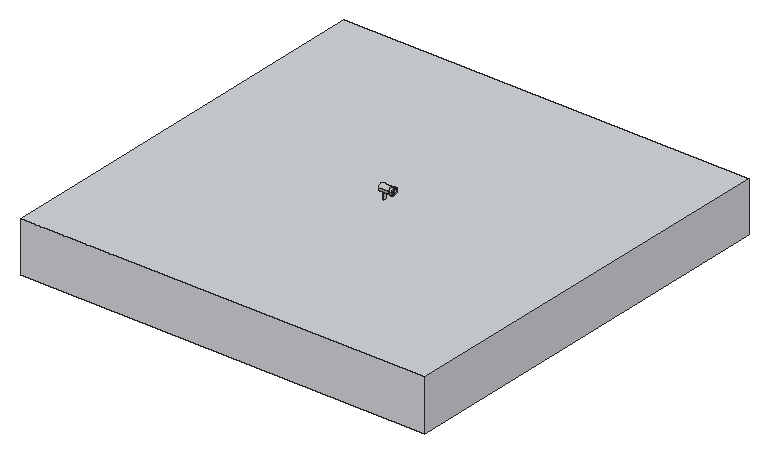
Revit family "LAMP_HANCE 48V 500 DALI", category Luminarias, Revit 2015
Parameters (values of type "314LM 2700 SPOT BLACK")
  Weight = 0.15 kg
  Type = "HIGH POWER CREE"
  Tilting angle [instance] = 90.00°
  Tilting [instance] = if(Tilting angle < 0.00°, 0.00°, if(Tilting angle > 90.00°, 90.00°, Tilting angle))  # 90.00°
  Rotation angle [instance] = 90.00°
  Protection rating = "IP20"
  Product datasheet = "http://www.lamp.es/product-files/TECH/HS1TL05SP827DBB-EN.pdf"
  Product code = "HS1TL05SP827DBB"
  Product URL = "https://www.lamp.es/en/family/hance-48v_195581"
  Power Supply = "48V DC"
  Power = 5 W
  Plum = 6.1 W
  Photometric web file = Cuerpo Hance 48V BASE 500 (tilting) : 314LM 2700 SPOT BLACK
  Modelo = Product code  # "HS1TL05SP827DBB"
  Model explanation = "Availability of tilting between 0º and 90º, rotation between 0º and 355º and change ring color when placed in a project."
  Material tija = LAMP_Aluminio Hance Negro
  Manufacturer name = "LAMP"
  Manufacturer country = "Spain"
  Manufacturer URL = "http://www.lamp.es/en"
  MacAdam = "5"
  Luminaire type = "Indoor - Spotlight"
  Last update = "02/04/2019"
  Lamp = "HIGH POWER LED"
  LED Lifetime = "50.000 L90"
  Insulation class = "III"
  Installation instructions = "https://www.lamp.es/product-files/INS/1004290-B-INSTR.%20DE%20MONTAJE%20HANCE%2048V.pdf"
  Initial intensity = 314 lm
  Initial color = 2700 K
  IEE = "A+"
  Height = 135 mm
  Gear = "Adjustable DALI"
  Finish = "RAL9011 textured"
  Fabricante = Manufacturer name  # "LAMP"
  Default Elevation = 1219.2 mm
  Efficacy = 51 lm/W
  Diameter = 40 mm
  Descripción = "HANCE TRACK 48 500 VWW SP DALI BK."
  Decorative ring [instance] = Aro decorativo 48V (tilting) : Copper
  Comentarios de tipo = Model explanation  # "Availability of tilting between 0º and 90º, rotation between 0º and 355º and change ring color when placed in a project."
  CRI = "80"
Types (18, lengths in mm): name | Product datasheet | Product code | Photometric web file | Modelo | Material tija | Initial intensity | Initial color | Finish | Efficacy | Descripción
  314LM 2700 SPOT BLACK | "http://www.lamp.es/product-files/TECH/HS1TL05SP827DBB-EN.pdf" | "HS1TL05SP827DBB" | Cuerpo Hance 48V BASE 500 (tilting) : 314LM 2700 SPOT BLACK | "HS1TL05SP827DBB" | LAMP_Aluminio Hance Negro | 314 lm | 2700 K | "RAL9011 textured" | 51 lm/W | "HANCE TRACK 48 500 VWW SP DALI BK."
  314LM 2700 SPOT WHITE | "http://www.lamp.es/product-files/TECH/HS1TL05SP827DBW-EN.pdf" | "HS1TL05SP827DBW" | Cuerpo Hance 48V BASE 500 (tilting) : 314LM 2700 SPOT WHITE | "HS1TL05SP827DBW" | LAMP_Aluminio Hance Blanco | 314 lm | 2700 K | "RAL9010 textured" | 51 lm/W | "HANCE TRACK 48 500 VWW SP DALI WH."
  314LM 3000 SPOT BLACK | "http://www.lamp.es/product-files/TECH/HS1TL05SP830DBB-EN.pdf" | "HS1TL05SP830DBB" | Cuerpo Hance 48V BASE 500 (tilting) : 314LM 3000 SPOT BLACK | "HS1TL05SP830DBB" | LAMP_Aluminio Hance Negro | 314 lm | 3000 K | "RAL9011 textured" | 51 lm/W | "HANCE TRACK 48 500 WW SP DALI BK."
  314LM 3000 SPOT WHITE | "http://www.lamp.es/product-files/TECH/HS1TL05SP830DBW-EN.pdf" | "HS1TL05SP830DBW" | Cuerpo Hance 48V BASE 500 (tilting) : 314LM 3000 SPOT WHITE | "HS1TL05SP830DBW" | LAMP_Aluminio Hance Negro | 314 lm | 3000 K | "RAL9010 textured" | 51 lm/W | "HANCE TRACK 48 500 WW SP DALI WH."
  339LM 4000 SPOT BLACK | "http://www.lamp.es/product-files/TECH/HS1TL05SP840DBB-EN.pdf" | "HS1TL05SP840DBB" | Cuerpo Hance 48V BASE 500 (tilting) : 339LM 4000 SPOT BLACK | "HS1TL05SP840DBB" | LAMP_Aluminio Hance Negro | 339 lm | 4000 K | "RAL9011 textured" | 55 lm/W | "HANCE TRACK 48 500 NW SP DALI BK."
  339LM 4000 SPOT WHITE | "http://www.lamp.es/product-files/TECH/HS1TL05SP840DBW-EN.pdf" | "HS1TL05SP840DBW" | Cuerpo Hance 48V BASE 500 (tilting) : 339LM 4000 SPOT WHITE | "HS1TL05SP840DBW" | LAMP_Aluminio Hance Blanco | 339 lm | 4000 K | "RAL9010 textured" | 55 lm/W | "HANCE TRACK 48 500 NW SP DALI WH."
  330LM 2700 MEDIUM FLOOD BLACK | "http://www.lamp.es/product-files/TECH/HS1TL05MF827DBB-EN.pdf" | "HS1TL05MF827DBB" | Cuerpo Hance 48V BASE 500 (tilting) : 330LM 2700 MEDIUM FLOOD BLACK | "HS1TL05MF827DBB" | LAMP_Aluminio Hance Negro | 330 lm | 2700 K | "RAL9011 textured" | 54 lm/W | "HANCE TRACK 48 500 VWW MFL DALI BK."
  330LM 2700 MEDIUM FLOOD WHITE | "http://www.lamp.es/product-files/TECH/HS1TL05MF827DBW-EN.pdf" | "HS1TL05MF827DBW" | Cuerpo Hance 48V BASE 500 (tilting) : 330LM 2700 MEDIUM FLOOD WHITE | "HS1TL05MF827DBW" | LAMP_Aluminio Hance Blanco | 330 lm | 2700 K | "RAL9010 textured" | 54 lm/W | "HANCE TRACK 48 500 VWW MFL DALI WH."
  330LM 3000 MEDIUM FLOOD BLACK | "http://www.lamp.es/product-files/TECH/HS1TL05MF830DBB-EN.pdf" | "HS1TL05MF830DBB" | Cuerpo Hance 48V BASE 500 (tilting) : 330LM 3000 MEDIUM FLOOD BLACK | "HS1TL05MF830DBB" | LAMP_Aluminio Hance Negro | 330 lm | 3000 K | "RAL9011 textured" | 54 lm/W | "HANCE TRACK 48 500 WW MFL DALI  BK."
  330LM 3000 MEDIUM FLOOD WHITE | "http://www.lamp.es/product-files/TECH/HS1TL05MF830DBW-EN.pdf" | "HS1TL05MF830DBW" | Cuerpo Hance 48V BASE 500 (tilting) : 330LM 3000 MEDIUM FLOOD WHITE | "HS1TL05MF830DBW" | LAMP_Aluminio Hance Blanco | 330 lm | 3000 K | "RAL9010 textured" | 54 lm/W | "HANCE TRACK 48 500 WW MFL DALI WH."
  356LM 4000 MEDIUM FLOOD BLACK | "http://www.lamp.es/product-files/TECH/HS1TL05MF840DBB-EN.pdf" | "HS1TL05MF840DBB" | Cuerpo Hance 48V BASE 500 (tilting) : 356LM 4000 MEDIUM FLOOD BLACK | "HS1TL05MF840DBB" | LAMP_Aluminio Hance Negro | 356 lm | 4000 K | "RAL9011 textured" | 58 lm/W | "HANCE TRACK 48 500 NW MFL DALI BK."
  356LM 4000 MEDIUM FLOOD WHITE | "http://www.lamp.es/product-files/TECH/HS1TL05MF840DBW-EN.pdf" | "HS1TL05MF840DBW" | Cuerpo Hance 48V BASE 500 (tilting) : 356LM 4000 MEDIUM FLOOD WHITE | "HS1TL05MF840DBW" | LAMP_Aluminio Hance Blanco | 356 lm | 4000 K | "RAL9010 textured" | 58 lm/W | "HANCE TRACK 48 500 NW MFL DALI WH."
  324LM 2700 FLOOD BLACK | "http://www.lamp.es/product-files/TECH/HS1TL05FL827DBB-EN.pdf" | "HS1TL05FL827DBB" | Cuerpo Hance 48V BASE 500 (tilting) : 324LM 2700 FLOOD BLACK | "HS1TL05FL827DBB" | LAMP_Aluminio Hance Negro | 324 lm | 2700 K | "RAL9011 textured" | 53 lm/W | "HANCE TRACK 48 500 VWW FL DALI BK."
  324LM 2700 FLOOD WHITE | "http://www.lamp.es/product-files/TECH/HS1TL05FL827DBW-EN.pdf" | "HS1TL05FL827DBW" | Cuerpo Hance 48V BASE 500 (tilting) : 324LM 2700 FLOOD WHITE | "HS1TL05FL827DBW" | LAMP_Aluminio Hance Blanco | 324 lm | 2700 K | "RAL9010 textured" | 53 lm/W | "HANCE TRACK 48 500 VWW FL DALI WH."
  324LM 3000 FLOOD BLACK | "http://www.lamp.es/product-files/TECH/HS1TL05FL830DBB-EN.pdf" | "HS1TL05FL830DBB" | Cuerpo Hance 48V BASE 500 (tilting) : 324LM 3000 FLOOD BLACK | "HS1TL05FL830DBB" | LAMP_Aluminio Hance Negro | 324 lm | 3000 K | "RAL9011 textured" | 53 lm/W | "HANCE TRACK 48 500 WW FL DALI BK."
  324LM 3000 FLOOD WHITE | "http://www.lamp.es/product-files/TECH/HS1TL05FL830DBW-EN.pdf" | "HS1TL05FL830DBW" | Cuerpo Hance 48V BASE 500 (tilting) : 324LM 3000 FLOOD WHITE | "HS1TL05FL830DBW" | LAMP_Aluminio Hance Blanco | 324 lm | 3000 K | "RAL9010 textured" | 53 lm/W | "HANCE TRACK 48 500 WW FL DALI WH."
  349LM 4000 FLOOD BLACK | "http://www.lamp.es/product-files/TECH/HS1TL05FL840DBB-EN.pdf" | "HS1TL05FL840DBB" | Cuerpo Hance 48V BASE 500 (tilting) : 349LM 4000 FLOOD BLACK | "HS1TL05FL840DBB" | LAMP_Aluminio Hance Negro | 349 lm | 4000 K | "RAL9011 textured" | 57 lm/W | "HANCE TRACK 48 500 NW FL DALI BK."
  349LM 4000 FLOOD WHITE | "http://www.lamp.es/product-files/TECH/HS1TL05FL840DBW-EN.pdf" | "HS1TL05FL840DBW" | Cuerpo Hance 48V BASE 500 (tilting) : 349LM 4000 FLOOD WHITE | "HS1TL05FL840DBW" | LAMP_Aluminio Hance Blanco | 349 lm | 4000 K | "RAL9010 textured" | 57 lm/W | "HANCE TRACK 48 500 NW FL DALI WH."
Reference planes
  plane 1 "Centro (Frontal/Posterior)": y = 0
  plane 2: z = 0
  plane 3 "Centro (Izquierda/Derecha)": x = 0
Forms (mm)
  Extrusion 1, solid
    sketch origin (0, 0, 0) x (1, 0, 0) y (0, 1, 0)
      loop
        line (-1219.2, 1219.2) -> (-1219.2, -1219.2) -> (1219.2, -1219.2) -> (1219.2, 1219.2) -> (-1219.2, 1219.2)
    from 0 to -304.8
Lines and regions (mm)
  reference lines
    curve 1: line (0, 0, 0) -> (35, 0, 0)
Text (mm)
  text "Any modification of the parameters and properties of the LAMP BIM models must be executed and validated by the LAMP technical department.\n\nPhone: +34 93 736 68 00\n\nE-mail: lamp@lamp.es\n\n\n\nLAMP reserves the right to modify the technical specifications of its products." at (-20831.523, 15880.048, -4465.41), in view "Preview"
Dimensions and locks
  "Rotation angle": angle curve 1 to plane 3 "Centro (Izquierda/Derecha)"
  aligned and locked: plane 2 to Extrusion 1
  aligned and locked: level to Extrusion 1
  aligned and locked: plane 3 "Centro (Izquierda/Derecha)" to curve 1
  aligned and locked: plane 1 "Centro (Frontal/Posterior)" to curve 1
Automatic sketch dimensions
  Extrusion 1 sketch curve to Extrusion 1 sketch curve = 2438.4 mm  (x2)
Nested families
  nested 1: "Tija 48V" at (4.1, 0, 0), type "Tija 48V"
  nested 2: "Cuerpo Hance 48V BASE 500 (tilting)" at (3.081, -1.967, 42.155) x (1, 0, 0) z (0, 0, -1), type <- "Photometric web file", type "314LM 2700 SPOT BLACK"
  nested 3: "Aro decorativo 48V (tilting)" at (2.865, 0, 42.18) x (0, 0, 1) z (1, 0, 0), type <- "Decorative ring", type "Copper"
    with Tilting 0.00°
Definition of nested family "Tija 48V"
  Parameters (values of type "Tija 48V")
    Profundidad tija = 8.2 mm
    Material tija = none
    Default Elevation = 1219.2 mm
    Diametro vaciado redondo = if(Anchura tija = 20 mm, 10 mm, 7.5 mm)  # 7.5 mm
    Anchura tija = 15 mm
    Profundo vaciado = if(Profundidad tija = 18 mm, 10.8 mm, 1 mm)  # 1 mm
    Ancho vaciado = Anchura tija  # 15 mm
    Altura tija = 52.9 mm
  Reference planes
    plane 1 "Centro (Frontal/Posterior)": y = 0
    plane 2: z = 0
    plane 3 "Centro (Izquierda/Derecha)": x = 0
  Forms (mm)
    Extrusion 1, solid
      sketch origin (0, 0, 0) x (1, 0, 0) y (0, 1, 0)
        loop
          line (-1219.2, 1219.2) -> (-1219.2, -1219.2) -> (1219.2, -1219.2) -> (1219.2, 1219.2) -> (-1219.2, 1219.2)
      from 0 to -304.8
    Extrusion 2, solid, material <- "Material tija"
      sketch origin (0, 0, -18) x (1, 0, 0) y (0, 0, 1)
        loop
          line (4.1, 18) -> (4.1, 70.9) -> (-6.297, 70.9)
          arc (-6.297, 70.9) -> (-12.297, 64.9) -> (-6.297, 58.9) r 6
          line (-6.297, 58.9) -> (-4.1, 58.9) -> (-4.1, 40) -> (-18.142, 40) -> (-18.142, 18) -> (-4.1, 18) -> (4.1, 18)
      from -7.5 to 7.5
    Extrusion 3, void
      sketch origin (1, -11.5, 0) x (-1, 0, 0) y (0, 1, 0)
        loop
          line (0, 19) -> (-38.141, 19) -> (-38.141, 4) -> (0, 4)
          arc (0, 4) -> (-0.716, 11.5) -> (0, 19) r 39.653
      from -132.265 to 0
    Extrusion 4, void
      sketch origin (27.648, 0, 0) x (1, 0, 0) y (0, 1, 0)
        loop
          line (-31.748, 7.5) -> (-31.748, 17.5) -> (-61.648, 17.5) -> (-61.648, -18.394) -> (-31.748, -18.394) -> (-31.748, -7.5)
          arc (-31.748, -7.5) -> (-39.248, 0) -> (-31.748, 7.5) r 7.5
      from 0 to 22
    Extrusion 5, void
      sketch origin (0, 0, 0) x (1, 0, 0) y (0, 0, 1)
        loop
          circle (-7.621, 82.5) r 3.125
        loop
          circle (-7.621, 46.9) r 3.125
      from -21.347 to 27.483
  Cuts and joins
    Extrusion 3, Extrusion 4, Extrusion 5 cuts Extrusion 2
  Lines and regions (mm)
    reference lines
      curve 1: line (1, -11.5, 0) -> (1, 11.5, 0)
  Dimensions and locks
    equal spacing: cut or joined group of Extrusion 2, Extrusion 3, Extrusion 4, Extrusion 5, plane 1 "Centro (Frontal/Posterior)", cut or joined group of Extrusion 2, Extrusion 3, Extrusion 4, Extrusion 5
    "Anchura tija": cut or joined group of Extrusion 2, Extrusion 3, Extrusion 4, Extrusion 5 to cut or joined group of Extrusion 2, Extrusion 3, Extrusion 4, Extrusion 5
    plane 1 "Centro (Frontal/Posterior)" to Extrusion 3 sketch curve = 7.5 mm
    "Altura tija": Extrusion 2 sketch curve to Extrusion 2 sketch curve
    "Profundidad tija": cut or joined group of Extrusion 2, Extrusion 3, Extrusion 4, Extrusion 5 to cut or joined group of Extrusion 2, Extrusion 3, Extrusion 4, Extrusion 5
    locked: cut or joined group of Extrusion 2, Extrusion 3, Extrusion 4, Extrusion 5 to plane 3 "Centro (Izquierda/Derecha)" at 4.1
    locked: plane 3 "Centro (Izquierda/Derecha)" to Extrusion 3 sketch curve at 39.141
    "Profundo vaciado": plane 3 "Centro (Izquierda/Derecha)" to curve 1
    "Ancho vaciado": Extrusion 3 sketch curve to Extrusion 3 sketch curve
    equal spacing: Extrusion 3 sketch curve, plane 1 "Centro (Frontal/Posterior)", Extrusion 3 sketch curve
    "Diametro vaciado redondo": radius of Extrusion 4 sketch curve
    aligned and locked: plane 2 to Extrusion 1
    aligned and locked: level to Extrusion 1
  Automatic sketch dimensions
    Extrusion 1 sketch curve to Extrusion 1 sketch curve = 2438.4 mm  (x2)
    Extrusion 5 sketch curve to plane 3 "Centro (Izquierda/Derecha)" = 7.621 mm  (x2)
    level to Extrusion 5 sketch curve = 46.9 mm
    Extrusion 5 sketch curve to Extrusion 5 sketch curve = 35.6 mm
    Extrusion 5 sketch curve to Extrusion 5 sketch curve = 3.125 mm  (x2)
    Extrusion 2 sketch curve to level = 0 mm
    Extrusion 2 sketch curve to plane 3 "Centro (Izquierda/Derecha)" = 18.142 mm
    Extrusion 2 sketch curve to plane 3 "Centro (Izquierda/Derecha)" = 6.297 mm
    Extrusion 2 sketch curve to plane 3 "Centro (Izquierda/Derecha)" = 4.1 mm  (x2)
    plane 3 "Centro (Izquierda/Derecha)" to Extrusion 2 sketch curve = 4.1 mm
    level to Extrusion 2 sketch curve = 22 mm
    Extrusion 2 sketch curve to Extrusion 2 sketch curve = 12 mm
    plane 1 "Centro (Frontal/Posterior)" to curve 1 = 11.5 mm
    curve 1 to plane 1 "Centro (Frontal/Posterior)" = 11.5 mm
    Extrusion 3 sketch curve to curve 1 = 0 mm  (x2)
    curve 1 to Extrusion 3 sketch curve = 38.937 mm
    plane 1 "Centro (Frontal/Posterior)" to Extrusion 4 sketch curve = 0 mm
    Extrusion 4 sketch curve to plane 3 "Centro (Izquierda/Derecha)" = 34 mm
    Extrusion 4 sketch curve to plane 3 "Centro (Izquierda/Derecha)" = 4.1 mm
    plane 1 "Centro (Frontal/Posterior)" to Extrusion 4 sketch curve = 18.394 mm
    Extrusion 4 sketch curve to Extrusion 4 sketch curve = 10 mm
Definition of nested family "Cuerpo Hance 48V BASE 500 (tilting)"
  Parameters (values of type "314LM 2700 SPOT BLACK")
    Tilting = 90.00°
    Photometric web file = Cuerpo Hance 48V BASE 500 : 314LM 2700 SPOT BLACK
    Longitud cuerpo = 78 mm
    Default Elevation = 1219.2 mm
  Types (19, lengths in mm): name | Photometric web file
    (no name) | Cuerpo Hance 48V BASE 500 : 314LM 2700 SPOT BLACK
    314LM 2700 SPOT BLACK | Cuerpo Hance 48V BASE 500 : 314LM 2700 SPOT BLACK
    314LM 2700 SPOT WHITE | Cuerpo Hance 48V BASE 500 : 314LM 2700 SPOT WHITE
    314LM 3000 SPOT BLACK | Cuerpo Hance 48V BASE 500 : 314LM 3000 SPOT BLACK
    314LM 3000 SPOT WHITE | Cuerpo Hance 48V BASE 500 : 314LM 3000 SPOT WHITE
    339LM 4000 SPOT BLACK | Cuerpo Hance 48V BASE 500 : 339LM 4000 SPOT BLACK
    339LM 4000 SPOT WHITE | Cuerpo Hance 48V BASE 500 : 339LM 4000 SPOT WHITE
    330LM 2700 MEDIUM FLOOD BLACK | Cuerpo Hance 48V BASE 500 : 330LM 2700 MEDIUM FLOOD BLACK
    330LM 2700 MEDIUM FLOOD WHITE | Cuerpo Hance 48V BASE 500 : 330LM 2700 MEDIUM FLOOD WHITE
    330LM 3000 MEDIUM FLOOD BLACK | Cuerpo Hance 48V BASE 500 : 330LM 3000 MEDIUM FLOOD BLACK
    330LM 3000 MEDIUM FLOOD WHITE | Cuerpo Hance 48V BASE 500 : 330LM 3000 MEDIUM FLOOD WHITE
    356LM 4000 MEDIUM FLOOD BLACK | Cuerpo Hance 48V BASE 500 : 356LM 4000 MEDIUM FLOOD BLACK
    356LM 4000 MEDIUM FLOOD WHITE | Cuerpo Hance 48V BASE 500 : 356LM 4000 MEDIUM FLOOD WHITE
    324LM 2700 FLOOD BLACK | Cuerpo Hance 48V BASE 500 : 324LM 2700 FLOOD BLACK
    324LM 2700 FLOOD WHITE | Cuerpo Hance 48V BASE 500 : 324LM 2700 FLOOD WHITE
    324LM 3000 FLOOD BLACK | Cuerpo Hance 48V BASE 500 : 324LM 3000 FLOOD BLACK
    324LM 3000 FLOOD WHITE | Cuerpo Hance 48V BASE 500 : 324LM 3000 FLOOD WHITE
    349LM 4000 FLOOD BLACK | Cuerpo Hance 48V BASE 500 : 349LM 4000 FLOOD BLACK
    349LM 4000 FLOOD WHITE | Cuerpo Hance 48V BASE 500 : 349LM 4000 FLOOD WHITE
  Reference planes
    plane 1 "Centro (Frontal/Posterior)": y = 0
    plane 2: z = 0
    plane 3 "Centro (Izquierda/Derecha)": x = 0
  Lines and regions (mm)
    reference lines
      curve 1: line (0, 0, 0) -> (200, 0, 0)
  Dimensions and locks
    "Tilting": angle plane 3 "Centro (Izquierda/Derecha)" to curve 1
    aligned and locked: level to plane 2
    aligned and locked: plane 3 "Centro (Izquierda/Derecha)" to curve 1
    aligned and locked: plane 2 to curve 1
  Nested families
    nested 1: "Cuerpo Hance 48V BASE 500" at (21.857, -1.967, 11.25), type <- "Photometric web file", type "314LM 2700 SPOT BLACK"
  Definition of nested family "Cuerpo Hance 48V BASE 500"
    Parameters (values of type "314LM 2700 SPOT BLACK")
      Tilt Angle = 90.00° + Tilting  # 180.00°
      Visibilidad reflector = no
      Visibilidad optica = yes
      Wattage = 6.1 W
      Tilting = 90.00°
      built-in parameter 1150107 = 2700 (stored number, unit not read)
      Radio vacio posterior = Radio cuerpo - 2.2 mm  # 17.8 mm
      Radio vaciado = Radio cuerpo - 1.5 mm  # 18.5 mm
      Radio optica = if(Radio cuerpo = 20 mm, 10 mm, 23 mm)  # 10 mm
      Radio cuerpo = if(Longitud cuerpo = 78 mm, 20 mm, 32.5 mm)  # 20 mm
      built-in parameter 1150110 = 1 (stored number, unit not read)
      built-in parameter 1150109 = 1 (stored number, unit not read)
      built-in parameter 1150112 = 1 (stored number, unit not read)
      built-in parameter 1150113 = 1 (stored number, unit not read)
      built-in parameter 1114218 = 1 (stored number, unit not read)
      built-in parameter 1150137 = (empty or 0)
      built-in parameter 1150132 = 2
      Material reflector = none
      Material optica = none
      Material cuerpo = none
      Material COB = none
      Longitud cuerpo = 78 mm
      Long. origen luz = if(Longitud cuerpo = 78 mm, 20 mm, 77 mm)  # 20 mm
      L_2 = if(Ancho disipador posterior = 32 mm, 9.5 mm, 21 mm)  # 9.5 mm
      L_1 = if(Ancho disipador posterior = 32 mm, 13 mm, 27 mm)  # 13 mm
      built-in parameter 1150105 = 24.757 (stored number, unit not read)
      built-in parameter 1150102 = (empty or 0)
      built-in parameter 1150106 = 0.24757 (stored number, unit not read)
      Lumens = 311.1 lm
      Color Filter = 16777215
      built-in parameter 1114217 = 1 (stored number, unit not read)
      built-in parameter 1150139 = (empty or 0)
      Default Elevation = 1219.2 mm
      built-in parameter 1150104 = 4.7381 (stored number, unit not read)
      Efficacy = 51 lm/W
      Diametro aro = if(Radio cuerpo = 20 mm, 17.9 mm, 30.4 mm)  # 17.9 mm
      built-in parameter 1150115 = 1 (stored number, unit not read)
      built-in parameter 1150114 = 1 (stored number, unit not read)
      built-in parameter 1150138 = (empty or 0)
      built-in parameter 1150134 = (empty or 0)
      Dimming Lamp Color Temperature Shift = (empty or 0)
      Photometric Web File = "HS1TL05SP827NBB.IES"
      Ancho vaciado reflector = Ancho reflector - 1 mm  # 23 mm
      Ancho reflector = 24 mm
      Ancho disipador posterior = if(Radio cuerpo = 20 mm, 32 mm, 57 mm)  # 32 mm
      built-in parameter 1150133 = 10 (stored number, unit not read)
      Altura disipador superior = if(Radio cuerpo = 20 mm, 44.3 mm, 45.3 mm)  # 44.3 mm
      Ancho disipador superior = if(Radio cuerpo = 20 mm, 16.8 mm, 22.6 mm)  # 16.8 mm
    Types (18, lengths in mm): name | built-in parameter 1150107 | built-in parameter 1150105 | built-in parameter 1150106 | Lumens | built-in parameter 1150104 | Efficacy | built-in parameter 1150134 | Photometric Web File
      314LM 2700 SPOT BLACK | 2700 (stored number, unit not read) | 24.757 (stored number, unit not read) | 0.24757 (stored number, unit not read) | 311.1 lm | 4.7381 (stored number, unit not read) | 51 lm/W | (empty or 0) | "HS1TL05SP827NBB.IES"
      314LM 2700 SPOT WHITE | 2700 (stored number, unit not read) | 3424.4 (stored number, unit not read) | 34.244 (stored number, unit not read) | 311.1 lm | 4.7381 (stored number, unit not read) | 51 lm/W | (empty or 0) | "HS1TL05SP827NBW.IES"
      314LM 3000 SPOT BLACK | 3000 (stored number, unit not read) | 3424.4 (stored number, unit not read) | 34.244 (stored number, unit not read) | 311.1 lm | 4.7381 (stored number, unit not read) | 51 lm/W | (empty or 0) | "HS1TL05SP830NBB.IES"
      314LM 3000 SPOT WHITE | 3000 (stored number, unit not read) | 3424.4 (stored number, unit not read) | 34.244 (stored number, unit not read) | 311.1 lm | 4.7381 (stored number, unit not read) | 51 lm/W | (empty or 0) | "HS1TL05SP830NBW.IES"
      339LM 4000 SPOT BLACK | 4000 (stored number, unit not read) | 3692.9 (stored number, unit not read) | 36.929 (stored number, unit not read) | 335.5 lm | 5.1097 (stored number, unit not read) | 51 lm/W | 12 | "HS1TL05SP840NBB.IES"
      339LM 4000 SPOT WHITE | 4000 (stored number, unit not read) | 3692.9 (stored number, unit not read) | 36.929 (stored number, unit not read) | 335.5 lm | 5.1097 (stored number, unit not read) | 51 lm/W | 12 | "HS1TL05SP840NBW.IES"
      330LM 2700 MEDIUM FLOOD BLACK | 2700 (stored number, unit not read) | 3625.8 (stored number, unit not read) | 36.258 (stored number, unit not read) | 329.4 lm | 5.0168 (stored number, unit not read) | 54 lm/W | (empty or 0) | "HS1TL05MF827NBB.IES"
      330LM 2700 MEDIUM FLOOD WHITE | 2700 (stored number, unit not read) | 2108.8 (stored number, unit not read) | 21.088 (stored number, unit not read) | 329.4 lm | 5.0168 (stored number, unit not read) | 54 lm/W | (empty or 0) | "HS1TL05MF827NBW.IES"
      330LM 3000 MEDIUM FLOOD BLACK | 3000 (stored number, unit not read) | 2108.8 (stored number, unit not read) | 21.088 (stored number, unit not read) | 329.4 lm | 5.0168 (stored number, unit not read) | 54 lm/W | (empty or 0) | "HS1TL05MF830NBB.IES"
      330LM 3000 MEDIUM FLOOD WHITE | 3000 (stored number, unit not read) | 2108.8 (stored number, unit not read) | 21.088 (stored number, unit not read) | 329.4 lm | 5.0168 (stored number, unit not read) | 54 lm/W | (empty or 0) | "HS1TL05MF830NBW.IES"
      356LM 4000 MEDIUM FLOOD BLACK | 4000 (stored number, unit not read) | 2265 (stored number, unit not read) | 22.65 (stored number, unit not read) | 353.8 lm | 5.3884 (stored number, unit not read) | 58 lm/W | 12 | "HS1TL05MF840NBB.IES"
      356LM 4000 MEDIUM FLOOD WHITE | 4000 (stored number, unit not read) | 2265 (stored number, unit not read) | 22.65 (stored number, unit not read) | 353.8 lm | 5.3884 (stored number, unit not read) | 58 lm/W | 12 | "HS1TL05MF840NBW.IES"
      324LM 2700 FLOOD BLACK | 2700 (stored number, unit not read) | 2069.7 (stored number, unit not read) | 20.697 (stored number, unit not read) | 323.3 lm | 4.9239 (stored number, unit not read) | 58 lm/W | (empty or 0) | "HS1TL05FL827NBB.IES"
      324LM 2700 FLOOD WHITE | 2700 (stored number, unit not read) | 2069.7 (stored number, unit not read) | 20.697 (stored number, unit not read) | 323.3 lm | 4.9239 (stored number, unit not read) | 58 lm/W | (empty or 0) | "HS1TL05FL827NBW.IES"
      324LM 3000 FLOOD BLACK | 3000 (stored number, unit not read) | 1226.2 (stored number, unit not read) | 12.262 (stored number, unit not read) | 323.3 lm | 4.9239 (stored number, unit not read) | 58 lm/W | (empty or 0) | "HS1TL05FL830NBB.IES"
      324LM 3000 FLOOD WHITE | 3000 (stored number, unit not read) | 1226.2 (stored number, unit not read) | 12.262 (stored number, unit not read) | 323.3 lm | 4.9239 (stored number, unit not read) | 58 lm/W | (empty or 0) | "HS1TL05FL830NBW.IES"
      349LM 4000 FLOOD BLACK | 4000 (stored number, unit not read) | 1318.7 (stored number, unit not read) | 13.187 (stored number, unit not read) | 347.7 lm | 5.2955 (stored number, unit not read) | 57 lm/W | 12 | "HS1TL05FL840NBB.IES"
      349LM 4000 FLOOD WHITE | 4000 (stored number, unit not read) | 1318.7 (stored number, unit not read) | 13.187 (stored number, unit not read) | 347.7 lm | 5.2955 (stored number, unit not read) | 57 lm/W | 12 | "HS1TL05FL840NBW.IES"
    Reference planes
      plane 1 "Centro (Frontal/Posterior)": y = 0
      plane 2: z = 0
      plane 3 "Centro (Izquierda/Derecha)": x = 0
    Forms (mm)
      Extrusion 1, solid, material <- "Material cuerpo"
        sketch origin (0, 0, 0) x (0, -1, 0) y (0, 0, 1)
          loop
            circle (0, -27.875) r 20
        from -36 to 42
      Extrusion 2, void
        sketch origin (0, 0, 0) x (0, 1, 0) y (0, 0, 1)
          loop
            line (8.4, 30) -> (-8.4, 30) -> (-8.4, -14.3)
            arc (-8.4, -14.3) -> (0, -14.777) -> (8.4, -14.3) r 74.27
            line (8.4, -14.3) -> (8.4, 30)
        from -42 to -9.283
      Extrusion 3, void
        sketch origin (0, 0, 0) x (0, 1, 0) y (0, 0, 1)
          loop
            circle (0, -27.875) r 17.8
        from -42 to -41
      Extrusion 4, void
        sketch origin (0, 0, 0) x (0, 1, 0) y (0, 0, 1)
          loop
            line (16, -26.291) -> (-16, -26.291)
            arc (-16, -26.291) -> (-17.2, -27.491) -> (-16, -28.691) r 1.2
            line (-16, -28.691) -> (16, -28.691)
            arc (16, -28.691) -> (17.2, -27.491) -> (16, -26.291) r 1.2
          loop
            line (15.615, -30.891) -> (-15.615, -30.891)
            arc (-15.615, -30.891) -> (-16.815, -32.091) -> (-15.615, -33.291) r 1.2
            line (-15.615, -33.291) -> (15.615, -33.291)
            arc (15.615, -33.291) -> (16.815, -32.091) -> (15.615, -30.891) r 1.2
          loop
            line (13, -35.404) -> (-13.484, -35.404)
            arc (-13.484, -35.404) -> (-14.684, -36.604) -> (-13.484, -37.804) r 1.2
            line (-13.484, -37.804) -> (13, -37.804)
            arc (13, -37.804) -> (14.2, -36.604) -> (13, -35.404) r 1.2
          loop
            line (9.5, -39.58) -> (-9.197, -39.58)
            arc (-9.197, -39.58) -> (-10.397, -40.78) -> (-9.197, -41.98) r 1.2
            line (-9.197, -41.98) -> (9.5, -41.98)
            arc (9.5, -41.98) -> (10.7, -40.78) -> (9.5, -39.58) r 1.2
        from -42 to -38.7
      Extrusion 5, void
        sketch origin (0, 0, 0) x (-1, 0, 0) y (0, -1, 0)
          loop
            line (37.7, -6.3) -> (37.7, 6.3)
            arc (37.7, 6.3) -> (36.6, 7.4) -> (35.5, 6.3) r 1.1
            line (35.5, 6.3) -> (35.5, -6.3)
            arc (35.5, -6.3) -> (36.6, -7.4) -> (37.7, -6.3) r 1.1
          loop
            line (28.9, -6.3) -> (28.9, 6.3)
            arc (28.9, 6.3) -> (27.8, 7.4) -> (26.7, 6.3) r 1.1
            line (26.7, 6.3) -> (26.7, -6.3)
            arc (26.7, -6.3) -> (27.8, -7.4) -> (28.9, -6.3) r 1.1
          loop
            line (20.1, -6.3) -> (20.1, 6.3)
            arc (20.1, 6.3) -> (19, 7.4) -> (17.9, 6.3) r 1.1
            line (17.9, 6.3) -> (17.9, -6.3)
            arc (17.9, -6.3) -> (19, -7.4) -> (20.1, -6.3) r 1.1
        from -18.74 to 30
      Extrusion 6, void
        sketch origin (0, 0, 0) x (-1, 0, 0) y (0, -1, 0)
          loop
            line (33.3, -6.3) -> (33.3, 6.3)
            arc (33.3, 6.3) -> (32.2, 7.4) -> (31.1, 6.3) r 1.1
            line (31.1, 6.3) -> (31.1, -6.3)
            arc (31.1, -6.3) -> (32.2, -7.4) -> (33.3, -6.3) r 1.1
          loop
            line (24.5, -6.3) -> (24.5, 6.3)
            arc (24.5, 6.3) -> (23.4, 7.4) -> (22.3, 6.3) r 1.1
            line (22.3, 6.3) -> (22.3, -6.3)
            arc (22.3, -6.3) -> (23.4, -7.4) -> (24.5, -6.3) r 1.1
        from -16.455 to 30
      Extrusion 7, void
        sketch origin (0, 0, 0) x (0, 1, 0) y (0, 0, 1)
          loop
            circle (0, -27.875) r 18.5
        from 17.213 to 36
      Extrusion 8, solid, material <- "Material COB"
        sketch origin (0, 0, 0) x (0, -1, 0) y (0, 0, 1)
          loop
            circle (0, -27.875) r 7.733
        from -18.2 to -17.213
      Revolve 9, solid, material <- "Material optica", visible <- "Visibilidad optica"
        sketch origin (0, 0, 0) x (0, 0, -1) y (1, 0, 0)
          loop
            line (27.875, 22.5) -> (17.875, 22.5) -> (17.875, 20.5) -> (27.875, 20.5) -> (27.875, 22.5)
          axis (27.875, 20.5) -> (27.875, 22.5)
        angle from 0 to 360
      Revolve 10, solid, material <- "Material reflector", visible <- "Visibilidad reflector"
        sketch origin (0, 0, 0) x (1, 0, 0) y (0, 0, 1)
          loop
            line (22.5, -3.875) -> (17.213, -6.142) -> (16.213, -6.57) -> (16.213, -27.875) -> (17.213, -27.875) -> (17.213, -20.142) -> (18.2, -20.142) -> (22.5, -4.875) -> (22.5, -3.875)
          axis (16.213, -27.875) -> (22.5, -27.875)
        angle from 0 to 360
    Cuts and joins
      Extrusion 2, Extrusion 3, Extrusion 4, Extrusion 5, Extrusion 6, Extrusion 7 cuts Extrusion 1
    Lines and regions (mm)
      reference lines
        curve 1: line (0, 0, 0) -> (178.042, 0, 0)
        curve 2: line (36, 0, -27.875) -> (56, 0, -27.875)
        curve 3: line (0, 0, 0) -> (0, 0, -75)
        curve 4: line (36, 0, -22.875) -> (36, 0, -32.875)
    Text (mm)
      text "Any modification of the parameters and properties of the LAMP BIM models must be executed and validated by the LAMP technical department.\n\nPhone: +34 93 736 68 00\n\nE-mail: lamp@lamp.es\n\n\n\nLAMP reserves the right to modify the technical specifications of its products." at (97482.136, -81600.41, 57308.082), in view "Preview"
    Dimensions and locks
      "Longitud cuerpo": cut or joined group of Extrusion 1, Extrusion 2, Extrusion 3, Extrusion 4, Extrusion 5, Extrusion 6, Extrusion 7 to cut or joined group of Extrusion 1, Extrusion 2, Extrusion 3, Extrusion 4, Extrusion 5, Extrusion 6, Extrusion 7
      locked: cut or joined group of Extrusion 1, Extrusion 2, Extrusion 3, Extrusion 4, Extrusion 5, Extrusion 6, Extrusion 7 to curve 3 at 42
      "Long. origen luz": curve 4 to curve 2
      equal spacing: Extrusion 4 sketch curve, plane 1 "Centro (Frontal/Posterior)", Extrusion 4 sketch curve
      "Ancho disipador posterior": Extrusion 4 sketch curve to Extrusion 4 sketch curve
      "L_1": Extrusion 4 sketch curve to plane 1 "Centro (Frontal/Posterior)"
      "L_2": Extrusion 4 sketch curve to curve 3
      equal spacing: Extrusion 2 sketch curve, plane 1 "Centro (Frontal/Posterior)", Extrusion 2 sketch curve
      "Ancho disipador superior": Extrusion 2 sketch curve to Extrusion 2 sketch curve
      "Altura disipador superior": Extrusion 2 sketch curve to Extrusion 2 sketch curve
      locked: plane 2 to Extrusion 2 sketch curve at 30
      "Radio optica": Revolve 9 sketch curve to imposter light
      locked: cut or joined group of Extrusion 1, Extrusion 2, Extrusion 3, Extrusion 4, Extrusion 5, Extrusion 6, Extrusion 7 to Revolve 9 sketch curve at 13.5
      locked: Extrusion 8 to Extrusion 8 at 0.987
      locked: cut or joined group of Extrusion 1, Extrusion 2, Extrusion 3, Extrusion 4, Extrusion 5, Extrusion 6, Extrusion 7 to Extrusion 8 at 17.8
      "Ancho reflector": Revolve 10 sketch curve to imposter light
      locked: Revolve 10 to cut or joined group of Extrusion 1, Extrusion 2, Extrusion 3, Extrusion 4, Extrusion 5, Extrusion 6, Extrusion 7 at 13.5
      "Radio cuerpo": radius of Extrusion 1 sketch curve
      "Radio vaciado": radius of Extrusion 7 sketch curve
      "Radio vacio posterior": radius of Extrusion 3 sketch curve
      "Tilting": angle plane 3 "Centro (Izquierda/Derecha)" to curve 1
      aligned and locked: level to plane 2
      aligned and locked: imposter light to curve 2  (x2)
      aligned and locked: cut or joined group of Extrusion 1, Extrusion 2, Extrusion 3, Extrusion 4, Extrusion 5, Extrusion 6, Extrusion 7 to cut or joined group of Extrusion 1, Extrusion 2, Extrusion 3, Extrusion 4, Extrusion 5, Extrusion 6, Extrusion 7
      aligned and locked: Revolve 9 sketch curve to imposter light
    Automatic sketch dimensions
      Extrusion 8 sketch curve to plane 1 "Centro (Frontal/Posterior)" = 0 mm
      curve 1 to Extrusion 5 sketch curve = 17.9 mm
      Extrusion 5 sketch curve to Extrusion 5 sketch curve = 1.1 mm  (x3)
      Extrusion 5 sketch curve to Extrusion 5 sketch curve = 6.6 mm  (x2)
      Extrusion 5 sketch curve to curve 1 = 6.3 mm  (x3)
      curve 1 to Extrusion 5 sketch curve = 6.3 mm  (x3)
      Extrusion 6 sketch curve to curve 1 = 6.3 mm  (x2)
      curve 1 to Extrusion 6 sketch curve = 22.3 mm
      Extrusion 6 sketch curve to Extrusion 6 sketch curve = 1.1 mm  (x2)
      Extrusion 6 sketch curve to Extrusion 6 sketch curve = 6.6 mm
      curve 1 to Extrusion 6 sketch curve = 6.3 mm
      Extrusion 6 sketch curve to Extrusion 6 sketch curve = 0 mm
      Extrusion 1 sketch curve to plane 1 "Centro (Frontal/Posterior)" = 0 mm
      Extrusion 1 sketch curve to level = 27.875 mm
      Extrusion 2 sketch curve to plane 1 "Centro (Frontal/Posterior)" = 0 mm
      Extrusion 2 sketch curve to Extrusion 2 sketch curve = 29.494 mm
      Extrusion 3 sketch curve to plane 1 "Centro (Frontal/Posterior)" = 0 mm
      Extrusion 3 sketch curve to level = 27.875 mm
      Extrusion 4 sketch curve to Extrusion 4 sketch curve = 0.385 mm  (x2)
      Extrusion 4 sketch curve to Extrusion 4 sketch curve = 2.132 mm
      Extrusion 4 sketch curve to Extrusion 4 sketch curve = 4.287 mm
      Extrusion 4 sketch curve to level = 41.98 mm
      Extrusion 4 sketch curve to Extrusion 4 sketch curve = 1.2 mm  (x4)
      Extrusion 4 sketch curve to Extrusion 4 sketch curve = 1.776 mm
      Extrusion 4 sketch curve to Extrusion 4 sketch curve = 2.113 mm
      Extrusion 4 sketch curve to Extrusion 4 sketch curve = 2.2 mm
      Extrusion 7 sketch curve to plane 1 "Centro (Frontal/Posterior)" = 0 mm
      Extrusion 7 sketch curve to level = 27.875 mm
      curve 1 to level = 0 mm
      curve 1 to plane 3 "Centro (Izquierda/Derecha)" = 0 mm
      curve 3 to curve 1 = 0 mm  (x2)
      curve 3 to curve 1 = 75 mm
      curve 1 to curve 4 = 36 mm
      curve 1 to curve 4 = 32.875 mm
      curve 4 to curve 2 = 5 mm
      curve 2 to curve 4 = 5 mm
      Revolve 9 sketch curve to Revolve 9 sketch curve = 0 mm  (x2)
      Revolve 9 sketch curve to Revolve 9 sketch curve = 2 mm
      Revolve 9 sketch curve to Revolve 9 sketch curve = 13.5 mm
      Revolve 10 sketch curve to level = 6.57 mm
      plane 3 "Centro (Izquierda/Derecha)" to Revolve 10 sketch curve = 16.213 mm
      Revolve 10 sketch curve to level = 6.142 mm
      Revolve 10 sketch curve to Revolve 10 sketch curve = 1 mm  (x3)
      Revolve 10 sketch curve to Revolve 10 sketch curve = 0.987 mm
      Revolve 10 sketch curve to Revolve 10 sketch curve = 5.287 mm
      Revolve 10 sketch curve to Revolve 10 sketch curve = 13.571 mm
      Revolve 10 sketch curve to Revolve 10 sketch curve = 7.733 mm
      Revolve 10 sketch curve to Revolve 10 sketch curve = 0 mm  (x2)
      Revolve 10 sketch curve to Revolve 10 sketch curve = 18.787 mm
      radius of Extrusion 8 sketch curve = 7.733 mm
Definition of nested family "Aro decorativo 48V (tilting)"
  Parameters (values of type "Copper")
    Weight (1000/2000) = 0.01 kg
    Weight (500) = 0.004 kg
    Tilting = 90.00°
    Product datasheet = ""
    Product code (1000/2000) = "HSRI65C"
    Product code (500) = "HSRI40C"
    Product URL = ""
    Model = ""
    Material aro secundario = none
    Material aro = none
    Manufacturer name = "LAMP"
    Manufacturer country = "Spain"
    Manufacturer URL = "http://www.lamp.es/en"
    Longitud = 47.9 mm
    Last update = "18/03/2019"
    Installation instructions = ""
    Finish = "Metalized matt copper"
    Manufacturer = Manufacturer name  # "LAMP"
    Default Elevation = 1219.2 mm
    Diameter (1000/2000) = 65 mm
    Diameter (500) = 40 mm
    Description = ""
    Accessory Type = "Optic"
    1000/2000 Model = "HSRI65C"
    1000/2000 Description = "HANCE 1000/2000 ACC. RING DECO CO."
    500 Model = "HSRI40C"
    500 Description = "HANCE 500 ACC. RING DECO CO."
  Types (5, lengths in mm): name | Product code (1000/2000) | Product code (500) | Finish | 1000/2000 Model | 1000/2000 Description | 500 Model | 500 Description
    (no name) | "HSRI65C" | "HSRI40C" | "Metalized matt copper" | "HSRI65C" | "HANCE 1000/2000 ACC. RING DECO CO." | "HSRI40C" | "HANCE 500 ACC. RING DECO CO."
    Black | "" | "" | "Matt black" | "" | "" | "" | ""
    Copper | "HSRI65C" | "HSRI40C" | "Metalized matt copper" | "HSRI65C" | "HANCE 1000/2000 ACC. RING DECO CO." | "HSRI40C" | "HANCE 500 ACC. RING DECO CO."
    Grey | "HSRI65M" | "HSRI40M" | "Metalized matt silver" | "HSRI65M" | "HANCE 1000/2000 ACC. RING DECO MET." | "HSRI40M" | "HANCE 500 ACC. RING DECO MET."
    White | "HSRI65W" | "HSRI40W" | "Matt black" | "HSRI65W" | "HANCE 1000/2000 ACC. RING DECO WH." | "HSRI40W" | "HANCE 500 ACC. RING DECO WH."
  Reference planes
    plane 1 "Centro (Frontal/Posterior)": y = 0
    plane 2: z = 0
    plane 3 "Centro (Izquierda/Derecha)": x = 0
  Lines and regions (mm)
    reference lines
      curve 1: line (0, 0, 0) -> (0, 0, -16.564)
      curve 2: line (0, 0, -16.564) -> (47.89, 0, -16.564)
  Text (mm)
    text "Any modification of the parameters and properties of the LAMP BIM models must be executed and validated by the LAMP technical department.\n\nPhone: +34 93 736 68 00\n\nE-mail: lamp@lamp.es\n\n\n\nLAMP reserves the right to modify the technical specifications of its products." at (86527.204, -96597.187, 50741.736), in view "Preview"
  Dimensions and locks
    "Tilting": angle curve 1 to plane 2
    aligned and locked: level to plane 2
    aligned and locked: plane 3 "Centro (Izquierda/Derecha)" to curve 1
    aligned and locked: plane 2 to curve 1
  Automatic sketch dimensions
    curve 2 to curve 1 = 0 mm
    curve 1 to curve 2 = 0 mm
    curve 1 to curve 2 = 47.89 mm
  Nested families
    nested 1: "Aro decorativo 48V" at (-0.01, 0, 0), type "Black"
  Definition of nested family "Aro decorativo 48V"
    Parameters (values of type "Copper")
      Weight (1000/2000) = 0.01 kg
      Weight (500) = 0.004 kg
      Product datasheet = ""
      Product code (1000/2000) = "HSRI65C"
      Product code (500) = "HSRI40C"
      Product URL = ""
      Model = ""
      Material aro secundario = none
      Material aro = none
      Manufacturer name = "LAMP"
      Manufacturer country = "Spain"
      Manufacturer URL = "http://www.lamp.es/en"
      Longitud = 47.9 mm
      Last update = "18/03/2019"
      Installation instructions = ""
      Finish = "Metalized matt copper"
      Manufacturer = Manufacturer name  # "LAMP"
      Radio vaciado aro interior = 11.6 mm
      Radio vaciado aro exterior = 17.5 mm
      Radio aro interior = 13.7 mm
      Radio aro exterior = 18.3 mm
      Default Elevation = 1219.2 mm
      Diameter (1000/2000) = 65 mm
      Diameter (500) = 40 mm
      Description = ""
      Accessory Type = "Optic"
      1000/2000 Model = "HSRI65C"
      1000/2000 Description = "HANCE 1000/2000 ACC. RING DECO CO."
      500 Description = "HANCE 500 ACC. RING DECO CO."
      500 Model = "HSRI40C"
    Types (5, lengths in mm): name | Product code (1000/2000) | Product code (500) | Finish | 1000/2000 Model | 1000/2000 Description | 500 Description | 500 Model
      (no name) | "HSRI65C" | "HSRI40C" | "Metalized matt copper" | "HSRI65C" | "HANCE 1000/2000 ACC. RING DECO CO." | "HANCE 500 ACC. RING DECO CO." | "HSRI40C"
      Black | "" | "" | "Matt black" | "" | "" | "" | ""
      Copper | "HSRI65C" | "HSRI40C" | "Metalized matt copper" | "HSRI65C" | "HANCE 1000/2000 ACC. RING DECO CO." | "HANCE 500 ACC. RING DECO CO." | "HSRI40C"
      Grey | "HSRI65M" | "HSRI40M" | "Metalized matt silver" | "HSRI65M" | "HANCE 1000/2000 ACC. RING DECO MET." | "HANCE 500 ACC. RING DECO MET." | "HSRI40M"
      White | "HSRI65W" | "HSRI40W" | "Matt white" | "HSRI65W" | "HANCE 1000/2000 ACC. RING DECO WH." | "HANCE 500 ACC. RING DECO WH." | "HSRI40W"
    Reference planes
      plane 1 "Centro (Frontal/Posterior)": y = 0
      plane 2: z = 0
      plane 3 "Centro (Izquierda/Derecha)": x = 0
    Forms (mm)
      Revolve 1, solid, material <- "Material aro"
        sketch origin (0, 0, -16.6) x (1, 0, 0) y (0, 0, 1)
          loop
            line (47.9, 0) -> (58.082, 0) -> (58.082, 18.3) -> (47.9, 13.7) -> (47.9, 0)
          axis (58.082, 0) -> (47.9, 0)
        angle from 0 to 360
      Revolve 2, void
        sketch origin (0, 0, -16.6) x (1, 0, 0) y (0, 0, 1)
          loop
            line (58.082, 17.5) -> (47.9, 11.6) -> (47.9, 0) -> (58.082, 0) -> (58.082, 17.5)
          axis (47.9, 0) -> (58.082, 0)
        angle from 0 to 360
      Revolve 3, solid, material <- "Material aro secundario"
        sketch origin (0, 0, 0) x (1, 0, 0) y (0, 0, 1)
          loop
            line (47.9, -16.6) -> (47.9, -2.9) -> (44.6, -6.1) -> (44.6, -16.6) -> (47.9, -16.6)
          axis (44.6, -16.6) -> (47.9, -16.6)
        angle from 0 to 360
      Revolve 4, void
        sketch origin (0, 0, 0) x (1, 0, 0) y (0, 0, 1)
          loop
            line (44.6, -16.6) -> (47.9, -16.6) -> (47.9, -5) -> (44.6, -6.6) -> (44.6, -16.6)
          axis (44.6, -16.6) -> (47.9, -16.6)
        angle from 0 to 360
    Cuts and joins
      Revolve 2 cuts Revolve 1
      Revolve 4 cuts Revolve 3
    Lines and regions (mm)
      reference lines
        curve 1: line (0, 0, -16.6) -> (47.9, 0, -16.6)
    Text (mm)
      text "Any modification of the parameters and properties of the LAMP BIM models must be executed and validated by the LAMP technical department.\n\nPhone: +34 93 736 68 00\n\nE-mail: lamp@lamp.es\n\n\n\nLAMP reserves the right to modify the technical specifications of its products." at (91886.357, -93022.329, 47898.266), in view "Preview"
    Dimensions and locks
      "Radio aro exterior": Revolve 1 sketch curve to Revolve 1 sketch curve
      "Radio vaciado aro exterior": Revolve 2 sketch curve to Revolve 2 sketch curve
      "Longitud": curve 1 to plane 3 "Centro (Izquierda/Derecha)"
      "Radio aro interior": Revolve 1 sketch curve to Revolve 1 sketch curve
      "Radio vaciado aro interior": Revolve 2 sketch curve to Revolve 2 sketch curve
      aligned and locked: level to plane 2
    Automatic sketch dimensions
      Revolve 3 sketch curve to level = 16.6 mm
      plane 3 "Centro (Izquierda/Derecha)" to Revolve 3 sketch curve = 44.6 mm
      Revolve 3 sketch curve to Revolve 3 sketch curve = 3.3 mm
      Revolve 3 sketch curve to level = 6.1 mm
      Revolve 3 sketch curve to level = 2.9 mm
      Revolve 4 sketch curve to level = 6.6 mm
      plane 3 "Centro (Izquierda/Derecha)" to Revolve 4 sketch curve = 44.6 mm
      Revolve 4 sketch curve to Revolve 4 sketch curve = 3.3 mm
      Revolve 4 sketch curve to Revolve 4 sketch curve = 1.6 mm
      Revolve 4 sketch curve to Revolve 4 sketch curve = 10 mm
      Revolve 1 sketch curve to curve 1 = 0 mm  (x4)
      curve 1 to Revolve 1 sketch curve = 10.182 mm
      Revolve 1 sketch curve to Revolve 1 sketch curve = 0 mm
      Revolve 2 sketch curve to curve 1 = 0 mm  (x3)
      curve 1 to Revolve 2 sketch curve = 10.182 mm
      Revolve 2 sketch curve to curve 1 = 1261.008 mm
      Revolve 2 sketch curve to Revolve 2 sketch curve = 1898.983 mm
      curve 1 to plane 3 "Centro (Izquierda/Derecha)" = 0 mm
      curve 1 to level = 16.6 mm
